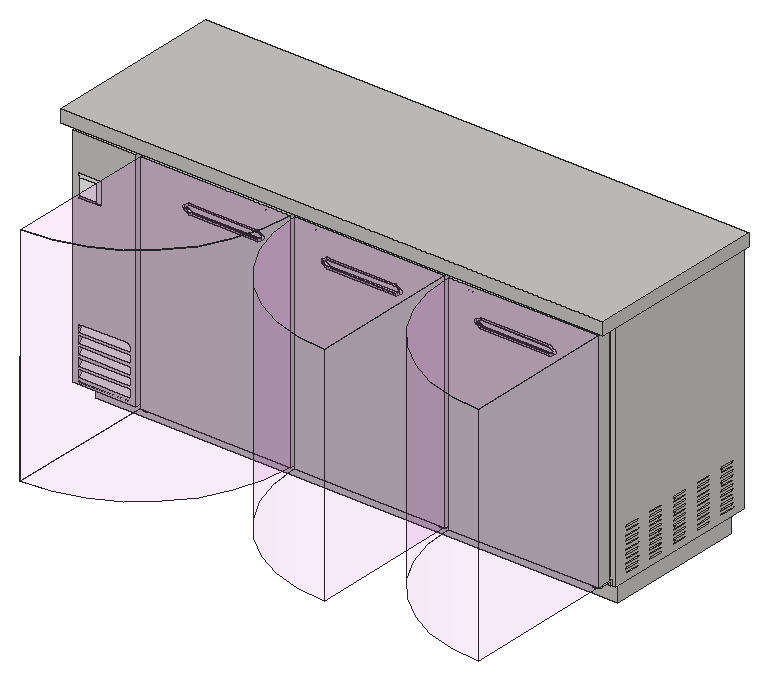
Revit family "QF_Kelvinator_738307_KCHBB72SS", category Specialty Equipment, Revit 2021
Family settings
  Round Connector Dimension = Use Diameter
  Part Type = Normal
  Work Plane-Based = No
  Always vertical = Yes
  Cut with Voids When Loaded = No
  Shared = No
  Room Calculation Point = No
Parameters
  Weight in Pounds = 273.373
  Weight = 125.00 lbm
  Watts = 0 W
  Volts = 115 V
  URL Manufacturer = "KELVINATOR"
  URL Cutsheet = ""
  URL = "KELVINATOR"
  Specification by User = ""
  Specification by Manufacturer = ""
  Serial Number = ""
  Seismic Rating = ""
  SMACNA No = ""
  Revision Code = ""
  Refrigerant Type = "R290"
  Phase = 1
  Number of Poles = 1
  NAFEM Spec ID Number = ""
  Model = "KCHBB72SS"
  Min Ckt Ampacity = 0 A
  Max Overcurrent Protection = 0 A
  Masterspec = ""
  Manufacturer = "Kelvinator"
  Length Actual = 1856"
  Length = 73 1/16"
  Item Number = "738307"
  Installed By = ""
  Identify Quantity as Lot = yes
  Height Actual = 920"
  Height = 36 1/4"
  HP = "0.4 HP"
  Gas KW = 0
  Furnished By = ""
  Foodservice Equipment Identifier = yes
  FL Amps = 3 A
  Electrical Remarks = ""
  Electric Connection Type = ""
  Elec Conn RI Height = 0"
  Elec Conn Connection Height = 0"
  Description = "3-SOLID DOOR BACK BAR COOLER STAINLESS STEEL 73\" LONG"
  Depth Actual = 620"
  Depth = 24 7/16"
  Default Elevation = 0"
  Cycle = 60 Hz
  Conn Plug = "5-15P"
  Conn Conduit = yes
  CSI MasterFormat = ""
  Apparent Power = 0 VA
  Accessory = no
Reference planes (in)
  plane 1 "BACK": y = 0
  plane 2: z = 0
  plane 3 "LEFT": x = 0
  plane 4 "RIGHT": x = 73.0625
  plane 5 "FRONT": y = -24.4375
  plane 6 "TOP": z = 36.25
  plane 7 "Center Y": x = 36.53125
  plane 8 "Center X": y = -12.21875
Dimensions and locks (in)
  equal spacing: plane 3 "LEFT", plane 7 "Center Y", plane 4 "RIGHT"
  "Length": plane 3 "LEFT" to plane 4 "RIGHT"
  equal spacing: plane 5 "FRONT", plane 8 "Center X", plane 1 "BACK"
  "Depth": plane 5 "FRONT" to plane 1 "BACK"
  "Height": plane 6 "TOP" to level
  aligned and locked: level to plane 2
Nested families (in)
  nested 1: "KCHBB48S" at (0, 0, 0), type "KCHBB48S"
    with Show Clearance yes
Connectors (in)
  electrical at (36.53125, -0.84, 1.40625), driven by "Volts", driven by "Watts"
    settings: on nested 1, index 1, voltage 115 V, apparent load 0 VA, apparent load phase1 0 VA, apparent load phase2 0 VA, apparent load phase3 0 VA, power factor 1, load classification "Other", number of poles 1, system type 30, power factor state 1, is connector primary yes, connector utility no, sub classification motor no, connector description ""
Definition of nested family "KCHBB48S"
  Parameters (values of type "KCHBB48S")
    Weight in Pounds = 0
    URL Cutsheet = ""
    Specification by User = ""
    Specification by Manufacturer = ""
    Show Clearance [instance] = yes
    Serial Number = ""
    Seismic Rating = ""
    SMACNA No = ""
    Revision Code = ""
    NAFEM Spec ID Number = ""
    Masterspec = ""
    Length = 73 1/16"
    Item Number = ""
    Installed By = ""
    Identify Quantity as Lot = yes
    Height = 36 1/4"
    Furnished By = ""
    Foodservice Equipment Identifier = yes
    Depth = 24 7/16"
    Default Elevation = 0"
    CSI MasterFormat = ""
  Reference planes (in)
    plane 1 "BACK": y = 0
    plane 2: z = 0
    plane 3 "LEFT": x = 0
    plane 4 "RIGHT": x = 73.0625
    plane 5 "FRONT": y = -24.4375
    plane 6 "TOP": z = 36.25
    plane 7 "Center Y": x = 36.53125
    plane 8 "Center X": y = -12.21875
    plane 9: x = 72.46875
    plane 10: x = 0.59375
    plane 11: x = 71.96875
    plane 12: x = 51.76875
    plane 13: x = 30.46875
    plane 14: x = 10.26875
    plane 15: x = 9.68375
    plane 16: x = 1.18375
    plane 17: z = 2.75
    plane 18: z = 34.5875
    plane 19: y = -40.8
    plane 20: y = -21.6
    plane 21: x = 1.34375
    plane 22: x = 71.71875
    plane 23: y = -1.34
    plane 24: y = -20.26
    plane 25: z = 33.8375
    plane 26: z = 3.4375
    plane 27: y = -22.1
    plane 28: x = 1.93375
    plane 29: x = 8.93375
    plane 30: x = 51.26875
    plane 31: x = 31.06875
  Forms (in)
    Extrusion 1, solid
      sketch origin (0.59375, -180, -2.6612) x (0, 0, -1) y (0, -1, 0)
        loop
          line (-5.4112, -180) -> (-5.4112, -158.4) -> (-37.2487, -158.4) -> (-37.2487, -180) -> (-5.4112, -180)
      from 0 to -71.875
    Extrusion 2, solid
      sketch origin (0, 0, 0) x (0, 1, 0) y (0, 0, 1)
        loop
          line (-24.4375, 36.25) -> (-24.4375, 34.5875) -> (0, 34.5875) -> (0, 36.25) -> (-24.4375, 36.25)
      from 0 to 73.0625
    Extrusion 3, solid
      sketch origin (0, -1.34, 0) x (0, 0, -1) y (1, 0, 0)
        loop
          line (-2.75, 1.34375) -> (0, 1.34375) -> (0, 71.71875) -> (-2.75, 71.71875) -> (-2.75, 1.34375)
      from 0 to 18.92
    Extrusion 4, solid
      sketch origin (0, -22.1, 34.5875) x (0, 0, 1) y (1, 0, 0)
        loop
          line (-0.75, 1.18375) -> (-0.75, 9.68375) -> (-31.15, 9.68375) -> (-31.15, 1.18375) -> (-0.75, 1.18375)
      from 0.5 to -1.75
    Extrusion 5, void
      sketch origin (1.93375, -180, 12.66737) x (0, 0, -1) y (0, -1, 0)
        loop
          line (8.97987, -157.025) -> (8.97987, -154.65) -> (1.85487, -154.65) -> (1.85487, -157.025) -> (2.10487, -157.025) -> (2.97987, -156.15) -> (3.22987, -156.15) -> (3.22987, -157.025) -> (3.47987, -157.025) -> (4.35487, -156.15) -> (4.60487, -156.15) -> (4.60487, -157.025) -> (4.85487, -157.025) -> (5.72987, -156.15) -> (5.97987, -156.15) -> (5.97987, -157.025) -> (6.22987, -157.025) -> (7.10487, -156.15) -> (7.35487, -156.15) -> (7.35487, -157.025) -> (7.60487, -157.025) -> (8.47987, -156.15) -> (8.72987, -156.15) -> (8.72987, -157.025) -> (8.97987, -157.025)
      from 0 to -7
    Extrusion 6, solid
      sketch origin (71.96875, -23.85, 3.4375) x (0, 0, 1) y (-1, 0, 0)
        loop
          line (7.375, 63.535) -> (7.375, 69.535)
          arc (7.375, 69.535) -> (7.22855, 69.88855) -> (6.875, 70.035) r 0.5
          line (6.875, 70.035) -> (0.75, 70.035)
          arc (0.75, 70.035) -> (0.39645, 69.88855) -> (0.25, 69.535) r 0.5
          line (0.25, 69.535) -> (0.25, 63.535)
          arc (0.25, 63.535) -> (0.39645, 63.18145) -> (0.75, 63.035) r 0.5
          line (0.75, 63.035) -> (6.875, 63.035)
          arc (6.875, 63.035) -> (7.22855, 63.18145) -> (7.375, 63.535) r 0.5
        loop
          line (7.625, 63.535) -> (7.625, 69.535)
          arc (7.625, 69.535) -> (7.40533, 70.06533) -> (6.875, 70.285) r 0.75
          line (6.875, 70.285) -> (0.75, 70.285)
          arc (0.75, 70.285) -> (0.21967, 70.06533) -> (0, 69.535) r 0.75
          line (0, 69.535) -> (0, 63.535)
          arc (0, 63.535) -> (0.21967, 63.00467) -> (0.75, 62.785) r 0.75
          line (0.75, 62.785) -> (6.875, 62.785)
          arc (6.875, 62.785) -> (7.40533, 63.00467) -> (7.625, 63.535) r 0.75
      from 0 to -0.875
    Blend 7, solid
      base sketch origin (71.96875, -23.85, 3.4375) x (0, 0, 1) y (-1, 0, 0)
        loop
          line (25.18493, 69.65025) -> (22.93493, 69.65025) -> (22.93493, 67.40025) -> (25.18493, 67.40025) -> (25.18493, 69.65025)
      top sketch origin (71.96875, -23.85, 3.4375) x (0, 0, 1) y (-1, 0, 0)
        loop
          line (25.56493, 70.03025) -> (22.55493, 70.03025) -> (22.55493, 67.02025) -> (25.56493, 67.02025) -> (25.56493, 70.03025)
      from 0.21643 to 0
    Extrusion 8, void
      sketch origin (0.59375, -180, -2.6612) x (0, 0, 1) y (0, -1, 0)
        loop
          arc (12.13379, -160.16063) -> (11.97754, -160.00438) -> (11.82129, -160.16063) r 0.15625
          line (11.82129, -160.16063) -> (11.82129, -162.09813)
          arc (11.82129, -162.09813) -> (11.97754, -162.25438) -> (12.13379, -162.09813) r 0.15625
          line (12.13379, -162.09813) -> (12.13379, -160.16063)
        loop
          arc (11.57129, -160.16063) -> (11.41504, -160.00438) -> (11.25879, -160.16063) r 0.15625
          line (11.25879, -160.16063) -> (11.25879, -162.09813)
          arc (11.25879, -162.09813) -> (11.41504, -162.25438) -> (11.57129, -162.09813) r 0.15625
          line (11.57129, -162.09813) -> (11.57129, -160.16063)
        loop
          arc (11.00879, -160.16063) -> (10.85254, -160.00438) -> (10.69629, -160.16063) r 0.15625
          line (10.69629, -160.16063) -> (10.69629, -162.09813)
          arc (10.69629, -162.09813) -> (10.85254, -162.25438) -> (11.00879, -162.09813) r 0.15625
          line (11.00879, -162.09813) -> (11.00879, -160.16063)
        loop
          arc (10.44629, -160.16063) -> (10.29004, -160.00438) -> (10.13379, -160.16063) r 0.15625
          line (10.13379, -160.16063) -> (10.13379, -162.09813)
          arc (10.13379, -162.09813) -> (10.29004, -162.25438) -> (10.44629, -162.09813) r 0.15625
          line (10.44629, -162.09813) -> (10.44629, -160.16063)
        loop
          arc (9.88379, -160.16063) -> (9.72754, -160.00438) -> (9.57129, -160.16063) r 0.15625
          line (9.57129, -160.16063) -> (9.57129, -162.09813)
          arc (9.57129, -162.09813) -> (9.72754, -162.25438) -> (9.88379, -162.09813) r 0.15625
          line (9.88379, -162.09813) -> (9.88379, -160.16063)
        loop
          arc (9.32129, -160.16063) -> (9.16504, -160.00438) -> (9.00879, -160.16063) r 0.15625
          line (9.00879, -160.16063) -> (9.00879, -162.09813)
          arc (9.00879, -162.09813) -> (9.16504, -162.25438) -> (9.32129, -162.09813) r 0.15625
          line (9.32129, -162.09813) -> (9.32129, -160.16063)
        loop
          arc (8.75879, -160.16063) -> (8.60254, -160.00438) -> (8.44629, -160.16063) r 0.15625
          line (8.44629, -160.16063) -> (8.44629, -162.09813)
          arc (8.44629, -162.09813) -> (8.60254, -162.25438) -> (8.75879, -162.09813) r 0.15625
          line (8.75879, -162.09813) -> (8.75879, -160.16063)
        loop
          arc (8.19629, -160.16063) -> (8.04004, -160.00438) -> (7.88379, -160.16063) r 0.15625
          line (7.88379, -160.16063) -> (7.88379, -162.09813)
          arc (7.88379, -162.09813) -> (8.04004, -162.25438) -> (8.19629, -162.09813) r 0.15625
          line (8.19629, -162.09813) -> (8.19629, -160.16063)
        loop
          arc (7.63379, -160.16063) -> (7.47754, -160.00438) -> (7.32129, -160.16063) r 0.15625
          line (7.32129, -160.16063) -> (7.32129, -162.09813)
          arc (7.32129, -162.09813) -> (7.47754, -162.25438) -> (7.63379, -162.09813) r 0.15625
          line (7.63379, -162.09813) -> (7.63379, -160.16063)
        loop
          arc (7.07129, -160.16063) -> (6.91504, -160.00438) -> (6.75879, -160.16063) r 0.15625
          line (6.75879, -160.16063) -> (6.75879, -162.09813)
          arc (6.75879, -162.09813) -> (6.91504, -162.25438) -> (7.07129, -162.09813) r 0.15625
          line (7.07129, -162.09813) -> (7.07129, -160.16063)
        loop
          arc (6.50879, -160.16063) -> (6.35254, -160.00438) -> (6.19629, -160.16063) r 0.15625
          line (6.19629, -160.16063) -> (6.19629, -162.09813)
          arc (6.19629, -162.09813) -> (6.35254, -162.25438) -> (6.50879, -162.09813) r 0.15625
          line (6.50879, -162.09813) -> (6.50879, -160.16063)
        loop
          arc (12.13379, -164.16063) -> (11.97754, -164.00438) -> (11.82129, -164.16063) r 0.15625
          line (11.82129, -164.16063) -> (11.82129, -166.09813)
          arc (11.82129, -166.09813) -> (11.97754, -166.25438) -> (12.13379, -166.09813) r 0.15625
          line (12.13379, -166.09813) -> (12.13379, -164.16063)
        loop
          arc (11.57129, -164.16063) -> (11.41504, -164.00438) -> (11.25879, -164.16063) r 0.15625
          line (11.25879, -164.16063) -> (11.25879, -166.09813)
          arc (11.25879, -166.09813) -> (11.41504, -166.25438) -> (11.57129, -166.09813) r 0.15625
          line (11.57129, -166.09813) -> (11.57129, -164.16063)
        loop
          arc (11.00879, -164.16063) -> (10.85254, -164.00438) -> (10.69629, -164.16063) r 0.15625
          line (10.69629, -164.16063) -> (10.69629, -166.09813)
          arc (10.69629, -166.09813) -> (10.85254, -166.25438) -> (11.00879, -166.09813) r 0.15625
          line (11.00879, -166.09813) -> (11.00879, -164.16063)
        loop
          arc (10.44629, -164.16063) -> (10.29004, -164.00438) -> (10.13379, -164.16063) r 0.15625
          line (10.13379, -164.16063) -> (10.13379, -166.09813)
          arc (10.13379, -166.09813) -> (10.29004, -166.25438) -> (10.44629, -166.09813) r 0.15625
          line (10.44629, -166.09813) -> (10.44629, -164.16063)
        loop
          arc (9.88379, -164.16063) -> (9.72754, -164.00438) -> (9.57129, -164.16063) r 0.15625
          line (9.57129, -164.16063) -> (9.57129, -166.09813)
          arc (9.57129, -166.09813) -> (9.72754, -166.25438) -> (9.88379, -166.09813) r 0.15625
          line (9.88379, -166.09813) -> (9.88379, -164.16063)
        loop
          arc (9.32129, -164.16063) -> (9.16504, -164.00438) -> (9.00879, -164.16063) r 0.15625
          line (9.00879, -164.16063) -> (9.00879, -166.09813)
          arc (9.00879, -166.09813) -> (9.16504, -166.25438) -> (9.32129, -166.09813) r 0.15625
          line (9.32129, -166.09813) -> (9.32129, -164.16063)
        loop
          arc (8.75879, -164.16063) -> (8.60254, -164.00438) -> (8.44629, -164.16063) r 0.15625
          line (8.44629, -164.16063) -> (8.44629, -166.09813)
          arc (8.44629, -166.09813) -> (8.60254, -166.25438) -> (8.75879, -166.09813) r 0.15625
          line (8.75879, -166.09813) -> (8.75879, -164.16063)
        loop
          arc (8.19629, -164.16063) -> (8.04004, -164.00438) -> (7.88379, -164.16063) r 0.15625
          line (7.88379, -164.16063) -> (7.88379, -166.09813)
          arc (7.88379, -166.09813) -> (8.04004, -166.25438) -> (8.19629, -166.09813) r 0.15625
          line (8.19629, -166.09813) -> (8.19629, -164.16063)
        loop
          arc (7.63379, -164.16063) -> (7.47754, -164.00438) -> (7.32129, -164.16063) r 0.15625
          line (7.32129, -164.16063) -> (7.32129, -166.09813)
          arc (7.32129, -166.09813) -> (7.47754, -166.25438) -> (7.63379, -166.09813) r 0.15625
          line (7.63379, -166.09813) -> (7.63379, -164.16063)
        loop
          arc (7.07129, -164.16063) -> (6.91504, -164.00438) -> (6.75879, -164.16063) r 0.15625
          line (6.75879, -164.16063) -> (6.75879, -166.09813)
          arc (6.75879, -166.09813) -> (6.91504, -166.25438) -> (7.07129, -166.09813) r 0.15625
          line (7.07129, -166.09813) -> (7.07129, -164.16063)
        loop
          arc (6.50879, -164.16063) -> (6.35254, -164.00438) -> (6.19629, -164.16063) r 0.15625
          line (6.19629, -164.16063) -> (6.19629, -166.09813)
          arc (6.19629, -166.09813) -> (6.35254, -166.25438) -> (6.50879, -166.09813) r 0.15625
          line (6.50879, -166.09813) -> (6.50879, -164.16063)
        loop
          arc (12.13379, -168.16063) -> (11.97754, -168.00438) -> (11.82129, -168.16063) r 0.15625
          line (11.82129, -168.16063) -> (11.82129, -170.09813)
          arc (11.82129, -170.09813) -> (11.97754, -170.25438) -> (12.13379, -170.09813) r 0.15625
          line (12.13379, -170.09813) -> (12.13379, -168.16063)
        loop
          arc (11.57129, -168.16063) -> (11.41504, -168.00438) -> (11.25879, -168.16063) r 0.15625
          line (11.25879, -168.16063) -> (11.25879, -170.09813)
          arc (11.25879, -170.09813) -> (11.41504, -170.25438) -> (11.57129, -170.09813) r 0.15625
          line (11.57129, -170.09813) -> (11.57129, -168.16063)
        loop
          arc (11.00879, -168.16063) -> (10.85254, -168.00438) -> (10.69629, -168.16063) r 0.15625
          line (10.69629, -168.16063) -> (10.69629, -170.09813)
          arc (10.69629, -170.09813) -> (10.85254, -170.25438) -> (11.00879, -170.09813) r 0.15625
          line (11.00879, -170.09813) -> (11.00879, -168.16063)
        loop
          arc (10.44629, -168.16063) -> (10.29004, -168.00438) -> (10.13379, -168.16063) r 0.15625
          line (10.13379, -168.16063) -> (10.13379, -170.09813)
          arc (10.13379, -170.09813) -> (10.29004, -170.25438) -> (10.44629, -170.09813) r 0.15625
          line (10.44629, -170.09813) -> (10.44629, -168.16063)
        loop
          arc (9.88379, -168.16063) -> (9.72754, -168.00438) -> (9.57129, -168.16063) r 0.15625
          line (9.57129, -168.16063) -> (9.57129, -170.09813)
          arc (9.57129, -170.09813) -> (9.72754, -170.25438) -> (9.88379, -170.09813) r 0.15625
          line (9.88379, -170.09813) -> (9.88379, -168.16063)
        loop
          arc (9.32129, -168.16063) -> (9.16504, -168.00438) -> (9.00879, -168.16063) r 0.15625
          line (9.00879, -168.16063) -> (9.00879, -170.09813)
          arc (9.00879, -170.09813) -> (9.16504, -170.25438) -> (9.32129, -170.09813) r 0.15625
          line (9.32129, -170.09813) -> (9.32129, -168.16063)
        loop
          arc (8.75879, -168.16063) -> (8.60254, -168.00438) -> (8.44629, -168.16063) r 0.15625
          line (8.44629, -168.16063) -> (8.44629, -170.09813)
          arc (8.44629, -170.09813) -> (8.60254, -170.25438) -> (8.75879, -170.09813) r 0.15625
          line (8.75879, -170.09813) -> (8.75879, -168.16063)
        loop
          arc (8.19629, -168.16063) -> (8.04004, -168.00438) -> (7.88379, -168.16063) r 0.15625
          line (7.88379, -168.16063) -> (7.88379, -170.09813)
          arc (7.88379, -170.09813) -> (8.04004, -170.25438) -> (8.19629, -170.09813) r 0.15625
          line (8.19629, -170.09813) -> (8.19629, -168.16063)
        loop
          arc (7.63379, -168.16063) -> (7.47754, -168.00438) -> (7.32129, -168.16063) r 0.15625
          line (7.32129, -168.16063) -> (7.32129, -170.09813)
          arc (7.32129, -170.09813) -> (7.47754, -170.25438) -> (7.63379, -170.09813) r 0.15625
          line (7.63379, -170.09813) -> (7.63379, -168.16063)
        loop
          arc (7.07129, -168.16063) -> (6.91504, -168.00438) -> (6.75879, -168.16063) r 0.15625
          line (6.75879, -168.16063) -> (6.75879, -170.09813)
          arc (6.75879, -170.09813) -> (6.91504, -170.25438) -> (7.07129, -170.09813) r 0.15625
          line (7.07129, -170.09813) -> (7.07129, -168.16063)
        loop
          arc (6.50879, -168.16063) -> (6.35254, -168.00438) -> (6.19629, -168.16063) r 0.15625
          line (6.19629, -168.16063) -> (6.19629, -170.09813)
          arc (6.19629, -170.09813) -> (6.35254, -170.25438) -> (6.50879, -170.09813) r 0.15625
          line (6.50879, -170.09813) -> (6.50879, -168.16063)
        loop
          arc (12.13379, -172.16063) -> (11.97754, -172.00438) -> (11.82129, -172.16063) r 0.15625
          line (11.82129, -172.16063) -> (11.82129, -174.09813)
          arc (11.82129, -174.09813) -> (11.97754, -174.25438) -> (12.13379, -174.09813) r 0.15625
          line (12.13379, -174.09813) -> (12.13379, -172.16063)
        loop
          arc (11.57129, -172.16063) -> (11.41504, -172.00438) -> (11.25879, -172.16063) r 0.15625
          line (11.25879, -172.16063) -> (11.25879, -174.09813)
          arc (11.25879, -174.09813) -> (11.41504, -174.25438) -> (11.57129, -174.09813) r 0.15625
          line (11.57129, -174.09813) -> (11.57129, -172.16063)
        loop
          arc (11.00879, -172.16063) -> (10.85254, -172.00438) -> (10.69629, -172.16063) r 0.15625
          line (10.69629, -172.16063) -> (10.69629, -174.09813)
          arc (10.69629, -174.09813) -> (10.85254, -174.25438) -> (11.00879, -174.09813) r 0.15625
          line (11.00879, -174.09813) -> (11.00879, -172.16063)
        loop
          arc (10.44629, -172.16063) -> (10.29004, -172.00438) -> (10.13379, -172.16063) r 0.15625
          line (10.13379, -172.16063) -> (10.13379, -174.09813)
          arc (10.13379, -174.09813) -> (10.29004, -174.25438) -> (10.44629, -174.09813) r 0.15625
          line (10.44629, -174.09813) -> (10.44629, -172.16063)
        loop
          arc (9.88379, -172.16063) -> (9.72754, -172.00438) -> (9.57129, -172.16063) r 0.15625
          line (9.57129, -172.16063) -> (9.57129, -174.09813)
          arc (9.57129, -174.09813) -> (9.72754, -174.25438) -> (9.88379, -174.09813) r 0.15625
          line (9.88379, -174.09813) -> (9.88379, -172.16063)
        loop
          arc (9.32129, -172.16063) -> (9.16504, -172.00438) -> (9.00879, -172.16063) r 0.15625
          line (9.00879, -172.16063) -> (9.00879, -174.09813)
          arc (9.00879, -174.09813) -> (9.16504, -174.25438) -> (9.32129, -174.09813) r 0.15625
          line (9.32129, -174.09813) -> (9.32129, -172.16063)
        loop
          arc (8.75879, -172.16063) -> (8.60254, -172.00438) -> (8.44629, -172.16063) r 0.15625
          line (8.44629, -172.16063) -> (8.44629, -174.09813)
          arc (8.44629, -174.09813) -> (8.60254, -174.25438) -> (8.75879, -174.09813) r 0.15625
          line (8.75879, -174.09813) -> (8.75879, -172.16063)
        loop
          arc (8.19629, -172.16063) -> (8.04004, -172.00438) -> (7.88379, -172.16063) r 0.15625
          line (7.88379, -172.16063) -> (7.88379, -174.09813)
          arc (7.88379, -174.09813) -> (8.04004, -174.25438) -> (8.19629, -174.09813) r 0.15625
          line (8.19629, -174.09813) -> (8.19629, -172.16063)
        loop
          arc (7.63379, -172.16063) -> (7.47754, -172.00438) -> (7.32129, -172.16063) r 0.15625
          line (7.32129, -172.16063) -> (7.32129, -174.09813)
          arc (7.32129, -174.09813) -> (7.47754, -174.25438) -> (7.63379, -174.09813) r 0.15625
          line (7.63379, -174.09813) -> (7.63379, -172.16063)
        loop
          arc (7.07129, -172.16063) -> (6.91504, -172.00438) -> (6.75879, -172.16063) r 0.15625
          line (6.75879, -172.16063) -> (6.75879, -174.09813)
          arc (6.75879, -174.09813) -> (6.91504, -174.25438) -> (7.07129, -174.09813) r 0.15625
          line (7.07129, -174.09813) -> (7.07129, -172.16063)
        loop
          arc (6.50879, -172.16063) -> (6.35254, -172.00438) -> (6.19629, -172.16063) r 0.15625
          line (6.19629, -172.16063) -> (6.19629, -174.09813)
          arc (6.19629, -174.09813) -> (6.35254, -174.25438) -> (6.50879, -174.09813) r 0.15625
          line (6.50879, -174.09813) -> (6.50879, -172.16063)
        loop
          arc (12.13379, -176.16063) -> (11.97754, -176.00438) -> (11.82129, -176.16063) r 0.15625
          line (11.82129, -176.16063) -> (11.82129, -178.09813)
          arc (11.82129, -178.09813) -> (11.97754, -178.25438) -> (12.13379, -178.09813) r 0.15625
          line (12.13379, -178.09813) -> (12.13379, -176.16063)
        loop
          arc (11.57129, -176.16063) -> (11.41504, -176.00438) -> (11.25879, -176.16063) r 0.15625
          line (11.25879, -176.16063) -> (11.25879, -178.09813)
          arc (11.25879, -178.09813) -> (11.41504, -178.25438) -> (11.57129, -178.09813) r 0.15625
          line (11.57129, -178.09813) -> (11.57129, -176.16063)
        loop
          arc (11.00879, -176.16063) -> (10.85254, -176.00438) -> (10.69629, -176.16063) r 0.15625
          line (10.69629, -176.16063) -> (10.69629, -178.09813)
          arc (10.69629, -178.09813) -> (10.85254, -178.25438) -> (11.00879, -178.09813) r 0.15625
          line (11.00879, -178.09813) -> (11.00879, -176.16063)
        loop
          arc (10.44629, -176.16063) -> (10.29004, -176.00438) -> (10.13379, -176.16063) r 0.15625
          line (10.13379, -176.16063) -> (10.13379, -178.09813)
          arc (10.13379, -178.09813) -> (10.29004, -178.25438) -> (10.44629, -178.09813) r 0.15625
          line (10.44629, -178.09813) -> (10.44629, -176.16063)
        loop
          arc (9.88379, -176.16063) -> (9.72754, -176.00438) -> (9.57129, -176.16063) r 0.15625
          line (9.57129, -176.16063) -> (9.57129, -178.09813)
          arc (9.57129, -178.09813) -> (9.72754, -178.25438) -> (9.88379, -178.09813) r 0.15625
          line (9.88379, -178.09813) -> (9.88379, -176.16063)
        loop
          arc (9.32129, -176.16063) -> (9.16504, -176.00438) -> (9.00879, -176.16063) r 0.15625
          line (9.00879, -176.16063) -> (9.00879, -178.09813)
          arc (9.00879, -178.09813) -> (9.16504, -178.25438) -> (9.32129, -178.09813) r 0.15625
          line (9.32129, -178.09813) -> (9.32129, -176.16063)
        loop
          arc (8.75879, -176.16063) -> (8.60254, -176.00438) -> (8.44629, -176.16063) r 0.15625
          line (8.44629, -176.16063) -> (8.44629, -178.09813)
          arc (8.44629, -178.09813) -> (8.60254, -178.25438) -> (8.75879, -178.09813) r 0.15625
          line (8.75879, -178.09813) -> (8.75879, -176.16063)
        loop
          arc (8.19629, -176.16063) -> (8.04004, -176.00438) -> (7.88379, -176.16063) r 0.15625
          line (7.88379, -176.16063) -> (7.88379, -178.09813)
          arc (7.88379, -178.09813) -> (8.04004, -178.25438) -> (8.19629, -178.09813) r 0.15625
          line (8.19629, -178.09813) -> (8.19629, -176.16063)
        loop
          arc (7.63379, -176.16063) -> (7.47754, -176.00438) -> (7.32129, -176.16063) r 0.15625
          line (7.32129, -176.16063) -> (7.32129, -178.09813)
          arc (7.32129, -178.09813) -> (7.47754, -178.25438) -> (7.63379, -178.09813) r 0.15625
          line (7.63379, -178.09813) -> (7.63379, -176.16063)
        loop
          arc (7.07129, -176.16063) -> (6.91504, -176.00438) -> (6.75879, -176.16063) r 0.15625
          line (6.75879, -176.16063) -> (6.75879, -178.09813)
          arc (6.75879, -178.09813) -> (6.91504, -178.25438) -> (7.07129, -178.09813) r 0.15625
          line (7.07129, -178.09813) -> (7.07129, -176.16063)
        loop
          arc (6.50879, -176.16063) -> (6.35254, -176.00438) -> (6.19629, -176.16063) r 0.15625
          line (6.19629, -176.16063) -> (6.19629, -178.09813)
          arc (6.19629, -178.09813) -> (6.35254, -178.25438) -> (6.50879, -178.09813) r 0.15625
          line (6.50879, -178.09813) -> (6.50879, -176.16063)
      from 0 to 0.03
    Extrusion 9, void
      sketch origin (72.46875, -180, -2.6612) x (0, 0, -1) y (0, -1, 0)
        loop
          line (-12.13379, -160.16063) -> (-12.13379, -162.09813)
          arc (-12.13379, -162.09813) -> (-11.97754, -162.25438) -> (-11.82129, -162.09813) r 0.15625
          line (-11.82129, -162.09813) -> (-11.82129, -160.16063)
          arc (-11.82129, -160.16063) -> (-11.97754, -160.00438) -> (-12.13379, -160.16063) r 0.15625
        loop
          line (-11.57129, -160.16063) -> (-11.57129, -162.09813)
          arc (-11.57129, -162.09813) -> (-11.41504, -162.25438) -> (-11.25879, -162.09813) r 0.15625
          line (-11.25879, -162.09813) -> (-11.25879, -160.16063)
          arc (-11.25879, -160.16063) -> (-11.41504, -160.00438) -> (-11.57129, -160.16063) r 0.15625
        loop
          line (-11.00879, -160.16063) -> (-11.00879, -162.09813)
          arc (-11.00879, -162.09813) -> (-10.85254, -162.25438) -> (-10.69629, -162.09813) r 0.15625
          line (-10.69629, -162.09813) -> (-10.69629, -160.16063)
          arc (-10.69629, -160.16063) -> (-10.85254, -160.00438) -> (-11.00879, -160.16063) r 0.15625
        loop
          line (-10.44629, -160.16063) -> (-10.44629, -162.09813)
          arc (-10.44629, -162.09813) -> (-10.29004, -162.25438) -> (-10.13379, -162.09813) r 0.15625
          line (-10.13379, -162.09813) -> (-10.13379, -160.16063)
          arc (-10.13379, -160.16063) -> (-10.29004, -160.00438) -> (-10.44629, -160.16063) r 0.15625
        loop
          line (-9.88379, -160.16063) -> (-9.88379, -162.09813)
          arc (-9.88379, -162.09813) -> (-9.72754, -162.25438) -> (-9.57129, -162.09813) r 0.15625
          line (-9.57129, -162.09813) -> (-9.57129, -160.16063)
          arc (-9.57129, -160.16063) -> (-9.72754, -160.00438) -> (-9.88379, -160.16063) r 0.15625
        loop
          line (-9.32129, -160.16063) -> (-9.32129, -162.09813)
          arc (-9.32129, -162.09813) -> (-9.16504, -162.25438) -> (-9.00879, -162.09813) r 0.15625
          line (-9.00879, -162.09813) -> (-9.00879, -160.16063)
          arc (-9.00879, -160.16063) -> (-9.16504, -160.00438) -> (-9.32129, -160.16063) r 0.15625
        loop
          line (-8.75879, -160.16063) -> (-8.75879, -162.09813)
          arc (-8.75879, -162.09813) -> (-8.60254, -162.25438) -> (-8.44629, -162.09813) r 0.15625
          line (-8.44629, -162.09813) -> (-8.44629, -160.16063)
          arc (-8.44629, -160.16063) -> (-8.60254, -160.00438) -> (-8.75879, -160.16063) r 0.15625
        loop
          line (-8.19629, -160.16063) -> (-8.19629, -162.09813)
          arc (-8.19629, -162.09813) -> (-8.04004, -162.25438) -> (-7.88379, -162.09813) r 0.15625
          line (-7.88379, -162.09813) -> (-7.88379, -160.16063)
          arc (-7.88379, -160.16063) -> (-8.04004, -160.00438) -> (-8.19629, -160.16063) r 0.15625
        loop
          line (-7.63379, -160.16063) -> (-7.63379, -162.09813)
          arc (-7.63379, -162.09813) -> (-7.47754, -162.25438) -> (-7.32129, -162.09813) r 0.15625
          line (-7.32129, -162.09813) -> (-7.32129, -160.16063)
          arc (-7.32129, -160.16063) -> (-7.47754, -160.00438) -> (-7.63379, -160.16063) r 0.15625
        loop
          line (-7.07129, -160.16063) -> (-7.07129, -162.09813)
          arc (-7.07129, -162.09813) -> (-6.91504, -162.25438) -> (-6.75879, -162.09813) r 0.15625
          line (-6.75879, -162.09813) -> (-6.75879, -160.16063)
          arc (-6.75879, -160.16063) -> (-6.91504, -160.00438) -> (-7.07129, -160.16063) r 0.15625
        loop
          line (-6.50879, -160.16063) -> (-6.50879, -162.09813)
          arc (-6.50879, -162.09813) -> (-6.35254, -162.25438) -> (-6.19629, -162.09813) r 0.15625
          line (-6.19629, -162.09813) -> (-6.19629, -160.16063)
          arc (-6.19629, -160.16063) -> (-6.35254, -160.00438) -> (-6.50879, -160.16063) r 0.15625
        loop
          line (-12.13379, -164.16063) -> (-12.13379, -166.09813)
          arc (-12.13379, -166.09813) -> (-11.97754, -166.25438) -> (-11.82129, -166.09813) r 0.15625
          line (-11.82129, -166.09813) -> (-11.82129, -164.16063)
          arc (-11.82129, -164.16063) -> (-11.97754, -164.00438) -> (-12.13379, -164.16063) r 0.15625
        loop
          line (-11.57129, -164.16063) -> (-11.57129, -166.09813)
          arc (-11.57129, -166.09813) -> (-11.41504, -166.25438) -> (-11.25879, -166.09813) r 0.15625
          line (-11.25879, -166.09813) -> (-11.25879, -164.16063)
          arc (-11.25879, -164.16063) -> (-11.41504, -164.00438) -> (-11.57129, -164.16063) r 0.15625
        loop
          line (-11.00879, -164.16063) -> (-11.00879, -166.09813)
          arc (-11.00879, -166.09813) -> (-10.85254, -166.25438) -> (-10.69629, -166.09813) r 0.15625
          line (-10.69629, -166.09813) -> (-10.69629, -164.16063)
          arc (-10.69629, -164.16063) -> (-10.85254, -164.00438) -> (-11.00879, -164.16063) r 0.15625
        loop
          line (-10.44629, -164.16063) -> (-10.44629, -166.09813)
          arc (-10.44629, -166.09813) -> (-10.29004, -166.25438) -> (-10.13379, -166.09813) r 0.15625
          line (-10.13379, -166.09813) -> (-10.13379, -164.16063)
          arc (-10.13379, -164.16063) -> (-10.29004, -164.00438) -> (-10.44629, -164.16063) r 0.15625
        loop
          line (-9.88379, -164.16063) -> (-9.88379, -166.09813)
          arc (-9.88379, -166.09813) -> (-9.72754, -166.25438) -> (-9.57129, -166.09813) r 0.15625
          line (-9.57129, -166.09813) -> (-9.57129, -164.16063)
          arc (-9.57129, -164.16063) -> (-9.72754, -164.00438) -> (-9.88379, -164.16063) r 0.15625
        loop
          line (-9.32129, -164.16063) -> (-9.32129, -166.09813)
          arc (-9.32129, -166.09813) -> (-9.16504, -166.25438) -> (-9.00879, -166.09813) r 0.15625
          line (-9.00879, -166.09813) -> (-9.00879, -164.16063)
          arc (-9.00879, -164.16063) -> (-9.16504, -164.00438) -> (-9.32129, -164.16063) r 0.15625
        loop
          line (-8.75879, -164.16063) -> (-8.75879, -166.09813)
          arc (-8.75879, -166.09813) -> (-8.60254, -166.25438) -> (-8.44629, -166.09813) r 0.15625
          line (-8.44629, -166.09813) -> (-8.44629, -164.16063)
          arc (-8.44629, -164.16063) -> (-8.60254, -164.00438) -> (-8.75879, -164.16063) r 0.15625
        loop
          line (-8.19629, -164.16063) -> (-8.19629, -166.09813)
          arc (-8.19629, -166.09813) -> (-8.04004, -166.25438) -> (-7.88379, -166.09813) r 0.15625
          line (-7.88379, -166.09813) -> (-7.88379, -164.16063)
          arc (-7.88379, -164.16063) -> (-8.04004, -164.00438) -> (-8.19629, -164.16063) r 0.15625
        loop
          line (-7.63379, -164.16063) -> (-7.63379, -166.09813)
          arc (-7.63379, -166.09813) -> (-7.47754, -166.25438) -> (-7.32129, -166.09813) r 0.15625
          line (-7.32129, -166.09813) -> (-7.32129, -164.16063)
          arc (-7.32129, -164.16063) -> (-7.47754, -164.00438) -> (-7.63379, -164.16063) r 0.15625
        loop
          line (-7.07129, -164.16063) -> (-7.07129, -166.09813)
          arc (-7.07129, -166.09813) -> (-6.91504, -166.25438) -> (-6.75879, -166.09813) r 0.15625
          line (-6.75879, -166.09813) -> (-6.75879, -164.16063)
          arc (-6.75879, -164.16063) -> (-6.91504, -164.00438) -> (-7.07129, -164.16063) r 0.15625
        loop
          line (-6.50879, -164.16063) -> (-6.50879, -166.09813)
          arc (-6.50879, -166.09813) -> (-6.35254, -166.25438) -> (-6.19629, -166.09813) r 0.15625
          line (-6.19629, -166.09813) -> (-6.19629, -164.16063)
          arc (-6.19629, -164.16063) -> (-6.35254, -164.00438) -> (-6.50879, -164.16063) r 0.15625
        loop
          line (-12.13379, -168.16063) -> (-12.13379, -170.09813)
          arc (-12.13379, -170.09813) -> (-11.97754, -170.25438) -> (-11.82129, -170.09813) r 0.15625
          line (-11.82129, -170.09813) -> (-11.82129, -168.16063)
          arc (-11.82129, -168.16063) -> (-11.97754, -168.00438) -> (-12.13379, -168.16063) r 0.15625
        loop
          line (-11.57129, -168.16063) -> (-11.57129, -170.09813)
          arc (-11.57129, -170.09813) -> (-11.41504, -170.25438) -> (-11.25879, -170.09813) r 0.15625
          line (-11.25879, -170.09813) -> (-11.25879, -168.16063)
          arc (-11.25879, -168.16063) -> (-11.41504, -168.00438) -> (-11.57129, -168.16063) r 0.15625
        loop
          line (-11.00879, -168.16063) -> (-11.00879, -170.09813)
          arc (-11.00879, -170.09813) -> (-10.85254, -170.25438) -> (-10.69629, -170.09813) r 0.15625
          line (-10.69629, -170.09813) -> (-10.69629, -168.16063)
          arc (-10.69629, -168.16063) -> (-10.85254, -168.00438) -> (-11.00879, -168.16063) r 0.15625
        loop
          line (-10.44629, -168.16063) -> (-10.44629, -170.09813)
          arc (-10.44629, -170.09813) -> (-10.29004, -170.25438) -> (-10.13379, -170.09813) r 0.15625
          line (-10.13379, -170.09813) -> (-10.13379, -168.16063)
          arc (-10.13379, -168.16063) -> (-10.29004, -168.00438) -> (-10.44629, -168.16063) r 0.15625
        loop
          line (-9.88379, -168.16063) -> (-9.88379, -170.09813)
          arc (-9.88379, -170.09813) -> (-9.72754, -170.25438) -> (-9.57129, -170.09813) r 0.15625
          line (-9.57129, -170.09813) -> (-9.57129, -168.16063)
          arc (-9.57129, -168.16063) -> (-9.72754, -168.00438) -> (-9.88379, -168.16063) r 0.15625
        loop
          line (-9.32129, -168.16063) -> (-9.32129, -170.09813)
          arc (-9.32129, -170.09813) -> (-9.16504, -170.25438) -> (-9.00879, -170.09813) r 0.15625
          line (-9.00879, -170.09813) -> (-9.00879, -168.16063)
          arc (-9.00879, -168.16063) -> (-9.16504, -168.00438) -> (-9.32129, -168.16063) r 0.15625
        loop
          line (-8.75879, -168.16063) -> (-8.75879, -170.09813)
          arc (-8.75879, -170.09813) -> (-8.60254, -170.25438) -> (-8.44629, -170.09813) r 0.15625
          line (-8.44629, -170.09813) -> (-8.44629, -168.16063)
          arc (-8.44629, -168.16063) -> (-8.60254, -168.00438) -> (-8.75879, -168.16063) r 0.15625
        loop
          line (-8.19629, -168.16063) -> (-8.19629, -170.09813)
          arc (-8.19629, -170.09813) -> (-8.04004, -170.25438) -> (-7.88379, -170.09813) r 0.15625
          line (-7.88379, -170.09813) -> (-7.88379, -168.16063)
          arc (-7.88379, -168.16063) -> (-8.04004, -168.00438) -> (-8.19629, -168.16063) r 0.15625
        loop
          line (-7.63379, -168.16063) -> (-7.63379, -170.09813)
          arc (-7.63379, -170.09813) -> (-7.47754, -170.25438) -> (-7.32129, -170.09813) r 0.15625
          line (-7.32129, -170.09813) -> (-7.32129, -168.16063)
          arc (-7.32129, -168.16063) -> (-7.47754, -168.00438) -> (-7.63379, -168.16063) r 0.15625
        loop
          line (-7.07129, -168.16063) -> (-7.07129, -170.09813)
          arc (-7.07129, -170.09813) -> (-6.91504, -170.25438) -> (-6.75879, -170.09813) r 0.15625
          line (-6.75879, -170.09813) -> (-6.75879, -168.16063)
          arc (-6.75879, -168.16063) -> (-6.91504, -168.00438) -> (-7.07129, -168.16063) r 0.15625
        loop
          line (-6.50879, -168.16063) -> (-6.50879, -170.09813)
          arc (-6.50879, -170.09813) -> (-6.35254, -170.25438) -> (-6.19629, -170.09813) r 0.15625
          line (-6.19629, -170.09813) -> (-6.19629, -168.16063)
          arc (-6.19629, -168.16063) -> (-6.35254, -168.00438) -> (-6.50879, -168.16063) r 0.15625
        loop
          line (-12.13379, -172.16063) -> (-12.13379, -174.09813)
          arc (-12.13379, -174.09813) -> (-11.97754, -174.25438) -> (-11.82129, -174.09813) r 0.15625
          line (-11.82129, -174.09813) -> (-11.82129, -172.16063)
          arc (-11.82129, -172.16063) -> (-11.97754, -172.00438) -> (-12.13379, -172.16063) r 0.15625
        loop
          line (-11.57129, -172.16063) -> (-11.57129, -174.09813)
          arc (-11.57129, -174.09813) -> (-11.41504, -174.25438) -> (-11.25879, -174.09813) r 0.15625
          line (-11.25879, -174.09813) -> (-11.25879, -172.16063)
          arc (-11.25879, -172.16063) -> (-11.41504, -172.00438) -> (-11.57129, -172.16063) r 0.15625
        loop
          line (-11.00879, -172.16063) -> (-11.00879, -174.09813)
          arc (-11.00879, -174.09813) -> (-10.85254, -174.25438) -> (-10.69629, -174.09813) r 0.15625
          line (-10.69629, -174.09813) -> (-10.69629, -172.16063)
          arc (-10.69629, -172.16063) -> (-10.85254, -172.00438) -> (-11.00879, -172.16063) r 0.15625
        loop
          line (-10.44629, -172.16063) -> (-10.44629, -174.09813)
          arc (-10.44629, -174.09813) -> (-10.29004, -174.25438) -> (-10.13379, -174.09813) r 0.15625
          line (-10.13379, -174.09813) -> (-10.13379, -172.16063)
          arc (-10.13379, -172.16063) -> (-10.29004, -172.00438) -> (-10.44629, -172.16063) r 0.15625
        loop
          line (-9.88379, -172.16063) -> (-9.88379, -174.09813)
          arc (-9.88379, -174.09813) -> (-9.72754, -174.25438) -> (-9.57129, -174.09813) r 0.15625
          line (-9.57129, -174.09813) -> (-9.57129, -172.16063)
          arc (-9.57129, -172.16063) -> (-9.72754, -172.00438) -> (-9.88379, -172.16063) r 0.15625
        loop
          line (-9.32129, -172.16063) -> (-9.32129, -174.09813)
          arc (-9.32129, -174.09813) -> (-9.16504, -174.25438) -> (-9.00879, -174.09813) r 0.15625
          line (-9.00879, -174.09813) -> (-9.00879, -172.16063)
          arc (-9.00879, -172.16063) -> (-9.16504, -172.00438) -> (-9.32129, -172.16063) r 0.15625
        loop
          line (-8.75879, -172.16063) -> (-8.75879, -174.09813)
          arc (-8.75879, -174.09813) -> (-8.60254, -174.25438) -> (-8.44629, -174.09813) r 0.15625
          line (-8.44629, -174.09813) -> (-8.44629, -172.16063)
          arc (-8.44629, -172.16063) -> (-8.60254, -172.00438) -> (-8.75879, -172.16063) r 0.15625
        loop
          line (-8.19629, -172.16063) -> (-8.19629, -174.09813)
          arc (-8.19629, -174.09813) -> (-8.04004, -174.25438) -> (-7.88379, -174.09813) r 0.15625
          line (-7.88379, -174.09813) -> (-7.88379, -172.16063)
          arc (-7.88379, -172.16063) -> (-8.04004, -172.00438) -> (-8.19629, -172.16063) r 0.15625
        loop
          line (-7.63379, -172.16063) -> (-7.63379, -174.09813)
          arc (-7.63379, -174.09813) -> (-7.47754, -174.25438) -> (-7.32129, -174.09813) r 0.15625
          line (-7.32129, -174.09813) -> (-7.32129, -172.16063)
          arc (-7.32129, -172.16063) -> (-7.47754, -172.00438) -> (-7.63379, -172.16063) r 0.15625
        loop
          line (-7.07129, -172.16063) -> (-7.07129, -174.09813)
          arc (-7.07129, -174.09813) -> (-6.91504, -174.25438) -> (-6.75879, -174.09813) r 0.15625
          line (-6.75879, -174.09813) -> (-6.75879, -172.16063)
          arc (-6.75879, -172.16063) -> (-6.91504, -172.00438) -> (-7.07129, -172.16063) r 0.15625
        loop
          line (-6.50879, -172.16063) -> (-6.50879, -174.09813)
          arc (-6.50879, -174.09813) -> (-6.35254, -174.25438) -> (-6.19629, -174.09813) r 0.15625
          line (-6.19629, -174.09813) -> (-6.19629, -172.16063)
          arc (-6.19629, -172.16063) -> (-6.35254, -172.00438) -> (-6.50879, -172.16063) r 0.15625
        loop
          line (-12.13379, -176.16063) -> (-12.13379, -178.09813)
          arc (-12.13379, -178.09813) -> (-11.97754, -178.25438) -> (-11.82129, -178.09813) r 0.15625
          line (-11.82129, -178.09813) -> (-11.82129, -176.16063)
          arc (-11.82129, -176.16063) -> (-11.97754, -176.00438) -> (-12.13379, -176.16063) r 0.15625
        loop
          line (-11.57129, -176.16063) -> (-11.57129, -178.09813)
          arc (-11.57129, -178.09813) -> (-11.41504, -178.25438) -> (-11.25879, -178.09813) r 0.15625
          line (-11.25879, -178.09813) -> (-11.25879, -176.16063)
          arc (-11.25879, -176.16063) -> (-11.41504, -176.00438) -> (-11.57129, -176.16063) r 0.15625
        loop
          line (-11.00879, -176.16063) -> (-11.00879, -178.09813)
          arc (-11.00879, -178.09813) -> (-10.85254, -178.25438) -> (-10.69629, -178.09813) r 0.15625
          line (-10.69629, -178.09813) -> (-10.69629, -176.16063)
          arc (-10.69629, -176.16063) -> (-10.85254, -176.00438) -> (-11.00879, -176.16063) r 0.15625
        loop
          line (-10.44629, -176.16063) -> (-10.44629, -178.09813)
          arc (-10.44629, -178.09813) -> (-10.29004, -178.25438) -> (-10.13379, -178.09813) r 0.15625
          line (-10.13379, -178.09813) -> (-10.13379, -176.16063)
          arc (-10.13379, -176.16063) -> (-10.29004, -176.00438) -> (-10.44629, -176.16063) r 0.15625
        loop
          line (-9.88379, -176.16063) -> (-9.88379, -178.09813)
          arc (-9.88379, -178.09813) -> (-9.72754, -178.25438) -> (-9.57129, -178.09813) r 0.15625
          line (-9.57129, -178.09813) -> (-9.57129, -176.16063)
          arc (-9.57129, -176.16063) -> (-9.72754, -176.00438) -> (-9.88379, -176.16063) r 0.15625
        loop
          line (-9.32129, -176.16063) -> (-9.32129, -178.09813)
          arc (-9.32129, -178.09813) -> (-9.16504, -178.25438) -> (-9.00879, -178.09813) r 0.15625
          line (-9.00879, -178.09813) -> (-9.00879, -176.16063)
          arc (-9.00879, -176.16063) -> (-9.16504, -176.00438) -> (-9.32129, -176.16063) r 0.15625
        loop
          line (-8.75879, -176.16063) -> (-8.75879, -178.09813)
          arc (-8.75879, -178.09813) -> (-8.60254, -178.25438) -> (-8.44629, -178.09813) r 0.15625
          line (-8.44629, -178.09813) -> (-8.44629, -176.16063)
          arc (-8.44629, -176.16063) -> (-8.60254, -176.00438) -> (-8.75879, -176.16063) r 0.15625
        loop
          line (-8.19629, -176.16063) -> (-8.19629, -178.09813)
          arc (-8.19629, -178.09813) -> (-8.04004, -178.25438) -> (-7.88379, -178.09813) r 0.15625
          line (-7.88379, -178.09813) -> (-7.88379, -176.16063)
          arc (-7.88379, -176.16063) -> (-8.04004, -176.00438) -> (-8.19629, -176.16063) r 0.15625
        loop
          line (-7.63379, -176.16063) -> (-7.63379, -178.09813)
          arc (-7.63379, -178.09813) -> (-7.47754, -178.25438) -> (-7.32129, -178.09813) r 0.15625
          line (-7.32129, -178.09813) -> (-7.32129, -176.16063)
          arc (-7.32129, -176.16063) -> (-7.47754, -176.00438) -> (-7.63379, -176.16063) r 0.15625
        loop
          line (-7.07129, -176.16063) -> (-7.07129, -178.09813)
          arc (-7.07129, -178.09813) -> (-6.91504, -178.25438) -> (-6.75879, -178.09813) r 0.15625
          line (-6.75879, -178.09813) -> (-6.75879, -176.16063)
          arc (-6.75879, -176.16063) -> (-6.91504, -176.00438) -> (-7.07129, -176.16063) r 0.15625
        loop
          line (-6.50879, -176.16063) -> (-6.50879, -178.09813)
          arc (-6.50879, -178.09813) -> (-6.35254, -178.25438) -> (-6.19629, -178.09813) r 0.15625
          line (-6.19629, -178.09813) -> (-6.19629, -176.16063)
          arc (-6.19629, -176.16063) -> (-6.35254, -176.00438) -> (-6.50879, -176.16063) r 0.15625
      from 0 to 0.03
    Extrusion 10, solid
      sketch origin (0, -1.34, 0) x (0, 0, 1) y (1, 0, 0)
        loop
          circle (1.40625, 36.53125) r 0.25
      from 0 to 0.5
  Cuts and joins
    Extrusion 5 cuts Extrusion 4
    joined: Extrusion 4, Extrusion 6
    Extrusion 8, Extrusion 9 cuts Extrusion 1
  Lines and regions (in)
    Split face 1
      outline origin (3.4435, -24.06643, 28.62243) x (1, 0, 0) y (0, 0.49491, 0.868944)
        loop
          line (-1.21875, 0.43731) -> (-0.97039, 0.18895) -> (0.97039, 0.18895) -> (1.21875, 0.43731)
    Split face 2
      outline origin (2.3185, -24.06643, 27.49743) x (0, 0, 1) y (-0.868944, 0.49491, 0)
        loop
          line (1.18615, 0.43731) -> (0.93617, 0.18733) -> (-0.93617, 0.18733) -> (-1.18615, 0.43731)
    Split face 3
      outline origin (4.5685, -24.06643, 27.49743) x (0, 0, -1) y (0.868944, 0.49491, 0)
        loop
          line (-1.19007, 0.43731) -> (-0.98384, 0.15014) -> (0.98384, 0.15014) -> (1.19007, 0.43731)
    Split face 4
      outline origin (3.4435, -24.06643, 26.37243) x (-1, 0, 0) y (0, 0.49491, -0.868944)
        loop
          line (1.22528, 0.43731) -> (0.97787, 0.1899) -> (-0.97787, 0.1899) -> (-1.22528, 0.43731)
    Split face 5
      outline origin (71.96875, -24.06643, 3.4375) x (0, 0, 1) y (-1, 0, 0)
        loop
          line (24.38945, 69.65025) -> (24.38945, 67.40025)
    Split face 6
      outline origin (71.96875, -24.06643, 3.4375) x (0, 0, 1) y (-1, 0, 0)
        loop
          line (24.25741, 68.81122) -> (23.12376, 68.81122) -> (23.12376, 68.18607) -> (24.25741, 68.18607) -> (24.25741, 68.81122)
    Split face 7
      outline origin (71.96875, -24.06643, 3.4375) x (0, 0, 1) y (-1, 0, 0)
        loop
          line (24.19741, 68.24607) -> (24.19741, 68.75122) -> (23.18376, 68.75122) -> (23.18376, 68.24607) -> (24.19741, 68.24607)
    symbolic lines
      curve 1: line (73.0625, 0, 0) -> (0, 0, 0)
      curve 2: line (0, 0, 0) -> (0, -24.4375, 0)
      curve 3: line (0, -24.4375, 0) -> (73.0625, -24.4375, 0)
      curve 4: line (73.0625, -24.4375, 0) -> (73.0625, 0, 0)
  Dimensions and locks (in)
    equal spacing: plane 3 "LEFT", plane 7 "Center Y", plane 4 "RIGHT"
    "Length": plane 3 "LEFT" to plane 4 "RIGHT"
    equal spacing: plane 5 "FRONT", plane 8 "Center X", plane 1 "BACK"
    "Depth": plane 5 "FRONT" to plane 1 "BACK"
    "Height": plane 6 "TOP" to level
    plane 10 to plane 9 = 71 7/8"
    plane 4 "RIGHT" to plane 3 "LEFT" = 73 1/16"
    plane 6 "TOP" to plane 17 = 33 1/2"
    plane 19 to plane 1 "BACK" = 40.8"
    plane 5 "FRONT" to plane 1 "BACK" = 24 7/16"
    plane 20 to plane 1 "BACK" = 21.6"
    plane 12 to plane 11 = 20.2"
    plane 14 to plane 13 = 20.2"
    locked: plane 9 to plane 22 at 0.75
    locked: plane 9 to plane 4 "RIGHT" at 0.59375
    locked: plane 11 to plane 9 at 0.5
    plane 16 to plane 15 = 8 1/2"
    plane 31 to plane 30 = 20.2"
    aligned and locked: level to plane 2
    aligned and locked: Extrusion 2 to plane 4 "RIGHT"
    aligned and locked: cut or joined group of Extrusion 1, Extrusion 8, Extrusion 9 to plane 9
    aligned and locked: plane 22 to Extrusion 3
    aligned and locked: nested 2 to plane 11
  Automatic sketch dimensions
    plane 1 "BACK" to curve 1 = 0"
    curve 1 to plane 3 "LEFT" = 0"
    curve 3 to plane 4 "RIGHT" = 0"
    plane 5 "FRONT" to curve 3 = 0"
    Extrusion 1 sketch curve to plane 1 "BACK" = 0"
    plane 18 to Extrusion 1 sketch curve = 0"
    plane 17 to Extrusion 1 sketch curve = 0"
    Extrusion 1 sketch curve to plane 20 = 0"
    Extrusion 2 sketch curve to plane 5 "FRONT" = 0"
    Extrusion 2 sketch curve to plane 1 "BACK" = 0"
    plane 18 to Extrusion 2 sketch curve = 0"
    Extrusion 2 sketch curve to plane 6 "TOP" = 0"
    Extrusion 3 sketch curve to plane 17 = 0"
    Extrusion 3 sketch curve to level = 0"
    plane 21 to Extrusion 3 sketch curve = 0"
    Extrusion 3 sketch curve to plane 22 = 0"
    plane 16 to Extrusion 4 sketch curve = 0"
    Extrusion 4 sketch curve to plane 26 = 0"
    Extrusion 4 sketch curve to plane 25 = 0"
    plane 15 to Extrusion 4 sketch curve = 0"
    plane 5 "FRONT" to Extrusion 5 sketch curve = 0.9125"
    Extrusion 5 sketch curve to plane 26 = 7 3/8"
    Extrusion 5 sketch curve to plane 27 = 7/8"  (x6)
    Extrusion 5 sketch curve to Extrusion 5 sketch curve = 1/4"  (x10)
    Extrusion 5 sketch curve to plane 5 "FRONT" = 0.5875"  (x5)
    Extrusion 5 sketch curve to Extrusion 5 sketch curve = 7/8"
    Extrusion 5 sketch curve to Extrusion 5 sketch curve = 1 1/8"  (x3)
    Extrusion 5 sketch curve to plane 26 = 3/4"
    Extrusion 5 sketch curve to plane 26 = 1/4"
    Extrusion 6 sketch curve to Extrusion 6 sketch curve = 0"  (x8)
    Extrusion 6 sketch curve to plane 26 = 0"
    plane 29 to Extrusion 6 sketch curve = 0"
    Extrusion 6 sketch curve to plane 28 = 0"
    Extrusion 6 sketch curve to plane 26 = 1/4"
    Extrusion 6 sketch curve to Extrusion 6 sketch curve = 1/2"  (x3)
    plane 29 to Extrusion 6 sketch curve = 1/2"
    Extrusion 6 sketch curve to Extrusion 6 sketch curve = 6 1/8"
    plane 28 to Blend 7 sketch curve = 0.38475"
    plane 25 to Blend 7 sketch curve = 7.46507"
    Blend 7 sketch curve to Blend 7 sketch curve = 2 1/4"  (x2)
    plane 28 to Blend 7 sketch curve = 0.00475"
    plane 25 to Blend 7 sketch curve = 7.84507"
    Blend 7 sketch curve to Blend 7 sketch curve = 3.01"  (x2)
    Extrusion 1 to Extrusion 8 sketch curve = 0.78509"  (x5)
    Extrusion 8 sketch curve to Extrusion 8 sketch curve = 5/32"  (x55)
    Extrusion 8 sketch curve to Extrusion 8 sketch curve = 1/4"  (x50)
    Extrusion 1 to Extrusion 8 sketch curve = 1.90187"  (x2)
    Extrusion 8 sketch curve to Extrusion 8 sketch curve = 0"  (x94)
    Extrusion 8 sketch curve to Extrusion 8 sketch curve = 1 15/16"  (x4)
    Extrusion 8 sketch curve to Extrusion 8 sketch curve = 2 1/16"  (x9)
    Extrusion 1 to Extrusion 8 sketch curve = 1.76063"
    Blend 7 to Split face 1 sketch curve = 0"  (x2)
    Split face 1 sketch curve to Blend 7 = 0.21607"
    Split face 1 sketch curve to Split face 1 sketch curve = 0.24836"  (x2)
    Blend 7 to Split face 1 sketch curve = 0.18895"
    Split face 1 sketch curve to Split face 1 sketch curve = 1.94078"
    Split face 2 sketch curve to Blend 7 = 0"  (x2)
    Split face 2 sketch curve to Blend 7 = 0.24068"
    Blend 7 to Split face 2 sketch curve = 0.18733"
    Split face 2 sketch curve to Split face 2 sketch curve = 1/4"  (x2)
    Split face 2 sketch curve to Split face 2 sketch curve = 1.87234"
    Split face 3 sketch curve to Blend 7 = 0"  (x2)
    Blend 7 to Split face 3 sketch curve = 0.23772"
    Blend 7 to Split face 3 sketch curve = 0.15014"
    Split face 3 sketch curve to Split face 3 sketch curve = 0.20622"  (x2)
    Split face 3 sketch curve to Split face 3 sketch curve = 1.96768"
    Split face 4 sketch curve to Blend 7 = 0"  (x2)
    Split face 4 sketch curve to Blend 7 = 0.21114"
    Split face 4 sketch curve to Split face 4 sketch curve = 0.24741"  (x2)
    Blend 7 to Split face 4 sketch curve = 0.1899"
    Split face 4 sketch curve to Split face 4 sketch curve = 1.95574"
    Split face 5 sketch curve to Blend 7 = 0"
    Blend 7 to Split face 5 sketch curve = 0"
    Split face 5 sketch curve to Blend 7 = 0.79548"
    Split face 6 sketch curve to Blend 7 = 0.18883"
    Split face 6 sketch curve to Blend 7 = 0.92752"
    Split face 6 sketch curve to Blend 7 = 0.78582"
    Split face 6 sketch curve to Split face 6 sketch curve = 0.62515"
    Split face 7 sketch curve to Blend 7 = 0.24883"
    Split face 7 sketch curve to Blend 7 = 0.98752"
    Split face 7 sketch curve to Blend 7 = 0.84582"
    Split face 7 sketch curve to Split face 7 sketch curve = 0.50515"
    Extrusion 1 to Extrusion 9 sketch curve = 1.76063"  (x2)
    Extrusion 1 to Extrusion 9 sketch curve = 6.72259"  (x2)
    Extrusion 9 sketch curve to Extrusion 9 sketch curve = 0"  (x93)
    Extrusion 9 sketch curve to Extrusion 9 sketch curve = 5/32"  (x55)
    Extrusion 9 sketch curve to Extrusion 9 sketch curve = 1/4"  (x50)
    Extrusion 9 sketch curve to Extrusion 9 sketch curve = 1 15/16"  (x7)
    Extrusion 9 sketch curve to Extrusion 9 sketch curve = 2 1/16"  (x9)
    Extrusion 1 to Extrusion 9 sketch curve = 1.90187"  (x2)
    Extrusion 3 to Extrusion 10 sketch curve = 1 11/32"
    Extrusion 3 to Extrusion 10 sketch curve = 35 3/16"
    radius of Extrusion 10 sketch curve = 1/4"
  Nested families (in)
    nested 1: "Family1" at (10.26875, -22.1, 3.4375), Show Clearance <- "Show Clearance", type "Family1"
    nested 2: "Family1" at (71.96875, -22.1, 3.4375) x (-1, 0, 0) z (0, 0, 1), Show Clearance <- "Show Clearance", type "Family1"
    nested 3: "Family1" at (51.26875, -22.1, 3.4375) x (-1, 0, 0) z (0, 0, 1), Show Clearance <- "Show Clearance", type "Family1"
  Definition of nested family "Family1"
    Parameters (values of type "Family1")
      Weight in Pounds = 0
      URL Cutsheet = ""
      Specification by User = ""
      Specification by Manufacturer = ""
      Show Clearance [instance] = yes
      Serial Number = ""
      Seismic Rating = ""
      SMACNA No = ""
      Revision Code = ""
      NAFEM Spec ID Number = ""
      Masterspec = ""
      Length = 20.2"
      Item Number = ""
      Installed By = ""
      Identify Quantity as Lot = yes
      Height = 30.4"
      Furnished By = ""
      Foodservice Equipment Identifier = yes
      Depth = 1 3/4"
      Default Elevation = 0"
      CSI MasterFormat = ""
    Reference planes (in)
      plane 1 "BACK": y = 0
      plane 2: z = 0
      plane 3 "LEFT": x = 0
      plane 4 "RIGHT": x = 20.2
      plane 5 "FRONT": y = -1.75
      plane 6 "TOP": z = 30.4
      plane 7 "Center Y": x = 10.1
      plane 8 "Center X": y = -0.875
      plane 9: y = 0.5
      plane 10: z = 31.15
      plane 11: z = -0.75
      plane 12: x = 0.3125
      plane 13: x = 19.8875
      plane 14: y = -2.34
    Forms (in)
      Extrusion 1, solid
        sketch origin (0, 0, 0) x (1, 0, 0) y (0, 0, 1)
          loop
            line (0, 30.4) -> (0, 0) -> (20.2, 0) -> (20.2, 30.4) -> (0, 30.4)
        from 0 to 1.75
      Extrusion 2, void
        sketch origin (60.39068, -1.75, 28.80112) x (0, 0, 1) y (1, 0, 0)
          loop
            line (-1.94791, -44.61568) -> (-2.28462, -44.07696)
            arc (-2.28462, -44.07696) -> (-2.38541, -44.02109) -> (-2.48621, -44.07696) r 0.11887
            line (-2.48621, -44.07696) -> (-2.82291, -44.61568) -> (-2.82291, -53.76568) -> (-2.48479, -54.30668)
            arc (-2.48479, -54.30668) -> (-2.38541, -54.36176) -> (-2.28604, -54.30668) r 0.11719
            line (-2.28604, -54.30668) -> (-1.94791, -53.76568) -> (-1.94791, -44.61568)
        from 0 to 0.31887
      Sweep 3, solid
        path origin (60.39068, 1.05, 28.80112) x (0, 0, -1) y (1, 0, 0)
          loop
            line (2.82291, -53.76568) -> (2.82291, -44.61568) -> (2.48621, -44.07696)
            arc (2.48621, -44.07696) -> (2.38541, -44.02109) -> (2.28462, -44.07696) r 0.11887
            line (2.28462, -44.07696) -> (1.94791, -44.61568) -> (1.94791, -53.76568) -> (2.28604, -54.30668)
            arc (2.28604, -54.30668) -> (2.38541, -54.36176) -> (2.48479, -54.30668) r 0.11719
            line (2.48479, -54.30668) -> (2.82291, -53.76568)
        profile origin (11.2, 1.05, 25.97821) x (0, 0, 1) y (0, -1, 0)
          loop
            arc (0, 2.8) -> (-0.125, 2.85269) -> (-0.25, 2.8) r 0.17461
            line (-0.25, 2.8) -> (0, 2.8)
      Extrusion 4, void
        sketch origin (0, -1.75, 0) x (-1, 0, 0) y (0, 0, 1)
          loop
            line (-16.89479, 29.93125) -> (-17.41395, 29.93125) -> (-17.41395, 29.86875) -> (-16.89479, 29.86875) -> (-16.89479, 29.93125)
        from 0 to 0.31887
      Extrusion 5, solid
        sketch origin (0.3125, -180, 31.89862) x (0, 0, 1) y (0, -1, 0)
          loop
            line (-1.82437, -180) -> (-31.57437, -180) -> (-31.57437, -180.25) -> (-1.82437, -180.25) -> (-1.82437, -180)
        from 0 to 19.575
      Extrusion 6, solid
        sketch origin (0.3125, -179.75, 31.89862) x (0, 0, 1) y (0, -1, 0)
          loop
            line (-1.82437, -180) -> (-31.57437, -180) -> (-31.57437, -180.25) -> (-1.82437, -180.25) -> (-1.82437, -180)
        from 0 to 19.575
      Extrusion 7, solid
        sketch origin (0, 0.5, 31.42282) x (0, 0, 1) y (1, 0, 0)
          loop
            line (-1.02282, 0) -> (-0.40238, 0) -> (-0.40238, 3) -> (-1.02282, 3) -> (-1.02282, 0)
        from 0 to -0.14951
      Extrusion 8, solid
        sketch origin (-38.39759, -180, 30.4) x (-1, 0, 0) y (0, -1, 0)
          loop
            line (-38.39759, -180.5) -> (-38.39759, -178.875)
            arc (-38.39759, -178.875) -> (-38.94896, -178.32364) -> (-39.50032, -178.875) r 0.55136
            line (-39.50032, -178.875) -> (-39.50032, -180.5) -> (-38.39759, -180.5)
        from 0 to 0.14873
      Extrusion 9, solid
        sketch origin (0, 0.35049, 31.46969) x (0, 0, -1) y (1, 0, 0)
          loop
            circle (0.77738, 2.54332) r 0.25
        from 0 to 0.125
      Extrusion 10, solid
        sketch origin (-1.99196, -0.22718, 30.54873) x (0, -1, 0) y (1, 0, 0)
          loop
            circle (0.64782, 2.54332) r 0.25
        from 0 to 0.125
      Extrusion 11, solid
        sketch origin (-1, 0.35049, 31.46969) x (0, 0, -1) y (1, 0, 0)
          loop
            circle (0.77738, 2.54332) r 0.25
        from 0 to 0.125
      Extrusion 12, solid
        sketch origin (-2, 0.35049, 31.46969) x (0, 0, -1) y (1, 0, 0)
          loop
            circle (0.77738, 2.54332) r 0.25
        from 0 to 0.125
      Extrusion 13, solid
        sketch origin (0, 0.5, -1.02282) x (0, 0, -1) y (-1, 0, 0)
          loop
            line (-1.02282, 0) -> (-1.02282, -3) -> (-0.40238, -3) -> (-0.40238, 0) -> (-1.02282, 0)
        from 0 to -0.14951
      Extrusion 14, solid
        sketch origin (-38.39759, -180, 0) x (0, 1, 0) y (1, 0, 0)
          loop
            line (180.5, 38.39759) -> (180.5, 39.50032) -> (178.875, 39.50032)
            arc (178.875, 39.50032) -> (178.32364, 38.94896) -> (178.875, 38.39759) r 0.55136
            line (178.875, 38.39759) -> (180.5, 38.39759)
        from 0 to 0.14873
      Extrusion 15, solid
        sketch origin (0, 0.35049, -1.06969) x (0, 0, 1) y (-1, 0, 0)
          loop
            circle (0.77738, -2.54332) r 0.25
        from 0 to 0.125
      Extrusion 16, solid
        sketch origin (-1.99196, -0.22718, -0.14873) x (-1, 0, 0) y (0, 1, 0)
          loop
            circle (-2.54332, -0.64782) r 0.25
        from 0 to 0.125
